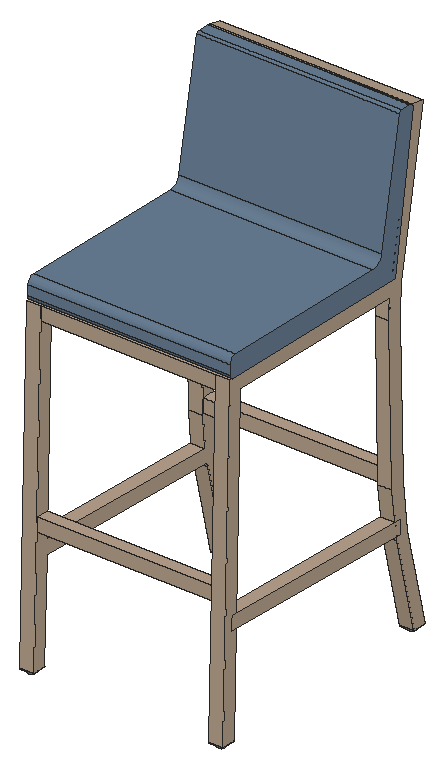
Revit family "FU_Stool_Sandler_Woodlook_3-4", category Furniture, Revit 2020
Family settings
  OmniClass Number = 23.40.20.00
  OmniClass Title = General Furniture and Specialties
  Work Plane-Based = No
  Always vertical = Yes
  Cut with Voids When Loaded = No
  Shared = No
  Room Calculation Point = No
Parameters (values of type "Woodlook 3.4")
  Woodlook = Woodlook - 21A Teak
  Width = 450 mm
  Upholstery = Woodlook Vinyl - Colonial Blue
  URL = "https://www.sandlerseating.com/product/woodlook-w3-4/"
  Model = "Woodlook 3.4"
  Manufacturer = "Sandler"
  Height = 1060 mm
  Description = "Woodlook bar stool with frame manufactured entirely from aluminum but with realistic appearance of wood. Highly durable and scratch resistant."
  Depth = 560 mm
  Default Elevation = 0 mm
Reference planes
  plane 1 "Center (Front/Back)": y = 0
  plane 2: z = 0
  plane 3 "Center (Left/Right)": x = 0
  plane 4 "Right": x = -225
  plane 5 "Left": x = 225
  plane 6 "Back": y = 280
  plane 7 "Front": y = -280
  plane 8 "Height": z = 1060
  plane 9 "Seat Frame Height": z = 732
  plane 10 "Back Stretcher Top": z = 353.051
  plane 11 "Front Stretcher Top": z = 317.069
  plane 12 "Glide Height": z = 9.736
  plane 13 "Front Seat Frame Edge": y = -260
  plane 14 "Side Stretcher Top": z = 261.498
Forms (mm)
  Blend 1, solid, material "Woodlook - 21A Teak" <- "Woodlook"
    base sketch origin (0, 0, 732) x (-1, 0, 0) y (0, -1, 0)
      loop
        line (225, 280) -> (195, 280) -> (195, 250) -> (225, 250) -> (225, 280)
    top sketch origin (0, 0, 732) x (-1, 0, 0) y (0, -1, 0)
      loop
        line (225, 260) -> (195, 260) -> (195, 230) -> (225, 230) -> (225, 260)
    from -722.264 to 0
  Blend 2, solid, material "Woodlook - 21A Teak" <- "Woodlook"
    base sketch origin (0, 0, 732) x (1, 0, 0) y (0, 1, 0)
      loop
        line (225, -280) -> (225, -250) -> (195, -250) -> (195, -280) -> (225, -280)
    top sketch origin (0, 0, 732) x (1, 0, 0) y (0, 1, 0)
      loop
        line (225, -260) -> (225, -230) -> (195, -230) -> (195, -260) -> (225, -260)
    from -722.264 to 0
  Extrusion 3, solid, material "Woodlook - 21A Teak" <- "Woodlook"
    sketch origin (0, 0, 732) x (-1, 0, 0) y (0, -1, 0)
      loop
        line (225, 260) -> (-224.942, 260) -> (-224.942, -215) -> (225, -215) -> (225, 260)
      loop
        line (195, 230) -> (-194.942, 230) -> (-194.942, -185) -> (195, -185) -> (195, 230)
    from 0 to -30
  Extrusion 4, solid, material "Woodlook - 21A Teak" <- "Woodlook"
    sketch origin (225, 0, 0) x (0, -1, 0) y (0, 0, 1)
      loop
        line (-245.74, 1060) -> (-274.965, 1054.722) -> (-219.249, 746.207)
        arc (-219.249, 746.207) -> (-212.866, 696.705) -> (-211.501, 646.811) r 495
        line (-211.501, 646.811) -> (-219.023, 320.976)
        arc (-219.023, 320.976) -> (-222.99, 268.186) -> (-232.408, 216.091) r 510
        line (-232.408, 216.091) -> (-280.895, 9.736) -> (-250.119, 9.736) -> (-203.264, 209.147)
        arc (-203.264, 209.147) -> (-193.569, 262.774) -> (-189.485, 317.118) r 525
        line (-189.485, 317.118) -> (-181.659, 656.095)
        arc (-181.659, 656.095) -> (-182.845, 699.437) -> (-188.39, 742.44) r 430
        line (-188.39, 742.44) -> (-245.74, 1060)
    from 0 to 30
  Extrusion 5, solid, material "Woodlook - 21A Teak" <- "Woodlook"
    sketch origin (-225, 0, 0) x (0, -1, 0) y (0, 0, -1)
      loop
        line (-245.74, -1060) -> (-188.39, -742.44)
        arc (-188.39, -742.44) -> (-182.845, -699.437) -> (-181.659, -656.095) r 430
        line (-181.659, -656.095) -> (-189.485, -317.118)
        arc (-189.485, -317.118) -> (-193.569, -262.774) -> (-203.264, -209.147) r 525
        line (-203.264, -209.147) -> (-250.119, -9.736) -> (-280.895, -9.736) -> (-232.408, -216.091)
        arc (-232.408, -216.091) -> (-222.99, -268.186) -> (-219.023, -320.976) r 510
        line (-219.023, -320.976) -> (-211.501, -646.811)
        arc (-211.501, -646.811) -> (-212.866, -696.705) -> (-219.249, -746.207) r 495
        line (-219.249, -746.207) -> (-274.965, -1054.722) -> (-245.74, -1060)
    from 0 to 30
  Extrusion 6, solid, material "Woodlook - 21A Teak" <- "Woodlook"
    sketch origin (225, 0, 0) x (0, -1, 0) y (0, 0, 1)
      loop
        line (-245.74, 1060) -> (-274.965, 1054.722) -> (-269.634, 1025.2) -> (-240.408, 1030.478) -> (-245.74, 1060)
    from 0 to 450
  Extrusion 7, solid, material "Woodlook - 21A Teak" <- "Woodlook"
    sketch origin (-225, 0, 0) x (0, -1, 0) y (0, 0, -1)
      loop
        line (253.872, -261.498) -> (253.872, -231.447) -> (-210.947, -218.463) -> (-210.947, -248.515) -> (253.872, -261.498)
    from 0 to 30
  Extrusion 8, solid, material "Woodlook - 21A Teak" <- "Woodlook"
    sketch origin (225, 0, 0) x (0, -1, 0) y (0, 0, 1)
      loop
        line (-217.783, 353.051) -> (-217.783, 323.051) -> (-189.783, 323.051) -> (-189.783, 353.051) -> (-217.783, 353.051)
    from 0 to 450
  Extrusion 9, solid, material "Woodlook - 21A Teak" <- "Woodlook"
    sketch origin (225, 0, 0) x (0, -1, 0) y (0, 0, 1)
      loop
        line (270.715, 317.069) -> (242.715, 317.069) -> (242.715, 287.069) -> (270.715, 287.069) -> (270.715, 317.069)
    from 0 to 450
  Extrusion 10, solid, material "Woodlook - 21A Teak" <- "Woodlook"
    sketch origin (0, 0, 732) x (-1, 0, 0) y (0, -1, 0)
      loop
        line (196, 12.284) -> (196, 32.617) -> (-196, 32.617) -> (-196, 12.284) -> (196, 12.284)
    from -30 to -10
  Extrusion 11, solid, material "Woodlook - 21A Teak" <- "Woodlook"
    sketch origin (225, 0, 0) x (0, -1, 0) y (0, 0, 1)
      loop
        line (253.872, 261.498) -> (-210.947, 248.515) -> (-210.947, 218.463) -> (253.872, 231.447) -> (253.872, 261.498)
    from 0 to 30
  Blend 12, solid, material "Rubber, Black"
    base sketch origin (0, 0, 9.736) x (-1, 0, 0) y (0, -1, 0)
      loop
        line (225, -280.895) -> (225, -250.119) -> (195, -250.119) -> (195, -280.895) -> (225, -280.895)
    top sketch origin (0, 0, 9.736) x (-1, 0, 0) y (0, -1, 0)
      loop
        arc (213.753, -268.998) -> (215.317, -265.512) -> (213.962, -261.939) r 5
        arc (213.962, -261.939) -> (210.385, -260.364) -> (206.768, -261.844) r 5
        arc (206.768, -261.844) -> (205.322, -265.186) -> (206.527, -268.622) r 5
        arc (206.527, -268.622) -> (210.059, -270.357) -> (213.753, -268.998) r 5
    from 0 to -9.736
  Blend 13, solid, material "Rubber, Black"
    base sketch origin (0, 0, 9.736) x (1, 0, 0) y (0, 1, 0)
      loop
        line (225, 280.895) -> (195, 280.895) -> (195, 250.119) -> (225, 250.119) -> (225, 280.895)
    top sketch origin (0, 0, 9.736) x (1, 0, 0) y (0, 1, 0)
      loop
        arc (213.753, 268.998) -> (210.059, 270.357) -> (206.527, 268.622) r 5
        arc (206.527, 268.622) -> (205.322, 265.186) -> (206.768, 261.844) r 5
        arc (206.768, 261.844) -> (210.385, 260.364) -> (213.962, 261.939) r 5
        arc (213.962, 261.939) -> (215.317, 265.512) -> (213.753, 268.998) r 5
    from 0 to -9.736
  Blend 14, solid, material "Rubber, Black"
    base sketch origin (0, 0.895, 9.736) x (1, 0, 0) y (0, 1, 0)
      loop
        line (225, -280.895) -> (225, -250.119) -> (195, -250.119) -> (195, -280.895) -> (225, -280.895)
    top sketch origin (0, 0.895, 9.736) x (1, 0, 0) y (0, 1, 0)
      loop
        arc (213.753, -268.998) -> (215.317, -265.512) -> (213.962, -261.939) r 5
        arc (213.962, -261.939) -> (210.385, -260.364) -> (206.768, -261.844) r 5
        arc (206.768, -261.844) -> (205.322, -265.186) -> (206.527, -268.622) r 5
        arc (206.527, -268.622) -> (210.059, -270.357) -> (213.753, -268.998) r 5
    from 0 to -9.736
  Blend 15, solid, material "Rubber, Black"
    base sketch origin (0, 0.895, 9.736) x (-1, 0, 0) y (0, -1, 0)
      loop
        line (225, 280.895) -> (195, 280.895) -> (195, 250.119) -> (225, 250.119) -> (225, 280.895)
    top sketch origin (0, 0.895, 9.736) x (-1, 0, 0) y (0, -1, 0)
      loop
        arc (213.753, 268.998) -> (210.059, 270.357) -> (206.527, 268.622) r 5
        arc (206.527, 268.622) -> (205.322, 265.186) -> (206.768, 261.844) r 5
        arc (206.768, 261.844) -> (210.385, 260.364) -> (213.962, 261.939) r 5
        arc (213.962, 261.939) -> (215.317, 265.512) -> (213.753, 268.998) r 5
    from 0 to -9.736
Cuts and joins
  joined: Blend 1, Blend 2, Extrusion 3, Extrusion 4, Extrusion 5, Extrusion 6, Extrusion 7, Extrusion 8, Extrusion 9, Extrusion 10
Dimensions and locks
  equal spacing: plane 4 "Right", plane 3 "Center (Left/Right)", plane 5 "Left"
  "Width": plane 4 "Right" to plane 5 "Left"
  equal spacing: plane 6 "Back", plane 1 "Center (Front/Back)", plane 7 "Front"
  "Depth": plane 6 "Back" to plane 7 "Front"
  "Height": plane 8 "Height" to level
  locked: plane 8 "Height" to plane 9 "Seat Frame Height" at 328
  aligned and locked: level to plane 2
  aligned and locked: Blend 1 to plane 12 "Glide Height"
  aligned and locked: plane 9 "Seat Frame Height" to Blend 1
  aligned and locked: Extrusion 3 to plane 9 "Seat Frame Height"  (x2)
  aligned and locked: Blend 2 to plane 12 "Glide Height"
  aligned and locked: plane 9 "Seat Frame Height" to Blend 2
  aligned and locked: Blend 1 to plane 9 "Seat Frame Height"
  aligned and locked: Extrusion 4 to plane 5 "Left"
  aligned and locked: plane 4 "Right" to Blend 1
  aligned and locked: plane 4 "Right" to Extrusion 5
  aligned and locked: plane 5 "Left" to Extrusion 4
  aligned and locked: Blend 2 to plane 5 "Left"
  aligned and locked: Extrusion 6 to plane 5 "Left"
  aligned and locked: plane 4 "Right" to Extrusion 6
  aligned and locked: plane 4 "Right" to Extrusion 7
  aligned and locked: plane 14 "Side Stretcher Top" to Extrusion 7
  aligned and locked: plane 10 "Back Stretcher Top" to Extrusion 8
  aligned and locked: plane 11 "Front Stretcher Top" to Extrusion 9
  aligned and locked: plane 4 "Right" to Extrusion 8
  aligned and locked: plane 4 "Right" to Extrusion 9
  aligned and locked: Extrusion 9 to plane 5 "Left"
  aligned and locked: Extrusion 8 to plane 5 "Left"
Automatic sketch dimensions
  Blend 1 sketch curve to plane 7 "Front" = 0 mm
  Blend 1 sketch curve to plane 4 "Right" = 0 mm  (x2)
  Blend 1 sketch curve to plane 13 "Front Seat Frame Edge" = 10 mm
  Blend 1 sketch curve to plane 4 "Right" = 30 mm  (x2)
  plane 13 "Front Seat Frame Edge" to Blend 1 sketch curve = 0 mm
  Blend 1 sketch curve to Blend 1 sketch curve = 30 mm
  Blend 2 sketch curve to plane 7 "Front" = 0 mm
  Blend 2 sketch curve to plane 5 "Left" = 0 mm  (x2)
  plane 13 "Front Seat Frame Edge" to Blend 2 sketch curve = 10 mm
  Blend 2 sketch curve to plane 5 "Left" = 30 mm  (x2)
  plane 13 "Front Seat Frame Edge" to Blend 2 sketch curve = 0 mm
  Blend 2 sketch curve to Blend 2 sketch curve = 30 mm
  plane 13 "Front Seat Frame Edge" to Extrusion 3 sketch curve = 0 mm
  Extrusion 3 sketch curve to plane 4 "Right" = 0 mm
  Extrusion 3 sketch curve to plane 4 "Right" = 30 mm
  plane 5 "Left" to Extrusion 3 sketch curve = 30.058 mm
  plane 5 "Left" to Extrusion 3 sketch curve = 0.058 mm
  Extrusion 3 sketch curve to plane 13 "Front Seat Frame Edge" = 30 mm
  Extrusion 3 sketch curve to plane 6 "Back" = 95 mm
  Extrusion 3 sketch curve to Extrusion 3 sketch curve = 30 mm
  Extrusion 4 sketch curve to plane 12 "Glide Height" = 0 mm
  Extrusion 4 sketch curve to plane 8 "Height" = 0 mm
  plane 11 "Front Stretcher Top" to Extrusion 4 sketch curve = 15.679 mm
  plane 6 "Back" to Extrusion 4 sketch curve = 448.887 mm
  Extrusion 4 sketch curve to Extrusion 4 sketch curve = 14.542 mm
  Extrusion 4 sketch curve to plane 9 "Seat Frame Height" = 73.765 mm
  Extrusion 4 sketch curve to Extrusion 4 sketch curve = 22.518 mm
  Extrusion 4 sketch curve to Extrusion 4 sketch curve = 94.824 mm
  plane 6 "Back" to Extrusion 4 sketch curve = 0.895 mm
  Extrusion 4 sketch curve to plane 6 "Back" = 5.035 mm
  Extrusion 4 sketch curve to plane 6 "Back" = 29.881 mm
  Extrusion 4 sketch curve to Extrusion 4 sketch curve = 29.225 mm
  Extrusion 4 sketch curve to plane 6 "Back" = 47.592 mm
  plane 9 "Seat Frame Height" to Extrusion 4 sketch curve = 14.207 mm
  Extrusion 4 sketch curve to plane 6 "Back" = 60.751 mm
  plane 11 "Front Stretcher Top" to Extrusion 4 sketch curve = 3.908 mm
  Extrusion 4 sketch curve to Extrusion 4 sketch curve = 13.385 mm
  Extrusion 4 sketch curve to plane 6 "Back" = 68.499 mm
  Extrusion 4 sketch curve to Extrusion 4 sketch curve = 29.144 mm
  plane 11 "Front Stretcher Top" to Extrusion 4 sketch curve = 0.049 mm
  Extrusion 4 sketch curve to Extrusion 4 sketch curve = 29.538 mm
  plane 9 "Seat Frame Height" to Extrusion 4 sketch curve = 10.44 mm
  Extrusion 4 sketch curve to plane 9 "Seat Frame Height" = 75.905 mm
  Extrusion 4 sketch curve to Extrusion 4 sketch curve = 29.841 mm
  Extrusion 4 sketch curve to Extrusion 4 sketch curve = 6.944 mm
  Extrusion 5 sketch curve to plane 12 "Glide Height" = 0 mm
  Extrusion 5 sketch curve to plane 8 "Height" = 0 mm
  plane 11 "Front Stretcher Top" to Extrusion 5 sketch curve = 15.679 mm
  plane 6 "Back" to Extrusion 5 sketch curve = 448.887 mm
  Extrusion 5 sketch curve to Extrusion 5 sketch curve = 14.542 mm
  Extrusion 5 sketch curve to plane 9 "Seat Frame Height" = 73.765 mm
  Extrusion 5 sketch curve to Extrusion 5 sketch curve = 22.518 mm
  Extrusion 5 sketch curve to Extrusion 5 sketch curve = 94.824 mm
  plane 6 "Back" to Extrusion 5 sketch curve = 0.895 mm
  Extrusion 5 sketch curve to plane 6 "Back" = 5.035 mm
  Extrusion 5 sketch curve to plane 6 "Back" = 29.881 mm
  Extrusion 5 sketch curve to Extrusion 5 sketch curve = 29.225 mm
  Extrusion 5 sketch curve to plane 6 "Back" = 47.592 mm
  plane 9 "Seat Frame Height" to Extrusion 5 sketch curve = 14.207 mm
  Extrusion 5 sketch curve to plane 6 "Back" = 60.751 mm
  plane 11 "Front Stretcher Top" to Extrusion 5 sketch curve = 3.908 mm
  Extrusion 5 sketch curve to Extrusion 5 sketch curve = 13.385 mm
  Extrusion 5 sketch curve to plane 6 "Back" = 68.499 mm
  Extrusion 5 sketch curve to Extrusion 5 sketch curve = 29.144 mm
  plane 11 "Front Stretcher Top" to Extrusion 5 sketch curve = 0.049 mm
  Extrusion 5 sketch curve to Extrusion 5 sketch curve = 29.538 mm
  plane 9 "Seat Frame Height" to Extrusion 5 sketch curve = 10.44 mm
  Extrusion 5 sketch curve to plane 9 "Seat Frame Height" = 75.905 mm
  Extrusion 5 sketch curve to Extrusion 5 sketch curve = 29.841 mm
  plane 11 "Front Stretcher Top" to Extrusion 5 sketch curve = 12.166 mm
  Extrusion 6 sketch curve to plane 8 "Height" = 0 mm
  Extrusion 6 sketch curve to plane 6 "Back" = 5.035 mm
  Extrusion 6 sketch curve to plane 6 "Back" = 10.366 mm
  Extrusion 6 sketch curve to Extrusion 6 sketch curve = 29.225 mm
  Extrusion 6 sketch curve to plane 8 "Height" = 5.278 mm
  Extrusion 7 sketch curve to plane 14 "Side Stretcher Top" = 0 mm
  Extrusion 7 sketch curve to plane 14 "Side Stretcher Top" = 12.984 mm
  Extrusion 7 sketch curve to plane 6 "Back" = 69.053 mm
  Extrusion 7 sketch curve to plane 13 "Front Seat Frame Edge" = 6.128 mm
  Extrusion 7 sketch curve to Extrusion 7 sketch curve = 30.051 mm  (x2)
  Extrusion 8 sketch curve to plane 10 "Back Stretcher Top" = 0 mm
  plane 11 "Front Stretcher Top" to Extrusion 8 sketch curve = 5.982 mm
  Extrusion 8 sketch curve to plane 6 "Back" = 62.217 mm
  Extrusion 8 sketch curve to Extrusion 8 sketch curve = 28 mm
  Extrusion 9 sketch curve to plane 11 "Front Stretcher Top" = 0 mm
  Extrusion 9 sketch curve to plane 13 "Front Seat Frame Edge" = 17.285 mm
  plane 7 "Front" to Extrusion 9 sketch curve = 9.285 mm
  plane 14 "Side Stretcher Top" to Extrusion 9 sketch curve = 25.57 mm
  plane 1 "Center (Front/Back)" to Extrusion 10 sketch curve = 12.284 mm
  plane 5 "Left" to Extrusion 10 sketch curve = 29 mm
  Extrusion 10 sketch curve to plane 4 "Right" = 29 mm
  Extrusion 10 sketch curve to Extrusion 10 sketch curve = 20.333 mm
  Extrusion 11 sketch curve to plane 14 "Side Stretcher Top" = 0 mm
  Extrusion 11 sketch curve to plane 14 "Side Stretcher Top" = 12.984 mm
  Extrusion 11 sketch curve to plane 6 "Back" = 69.053 mm
  Extrusion 11 sketch curve to plane 13 "Front Seat Frame Edge" = 6.128 mm
  Extrusion 11 sketch curve to plane 14 "Side Stretcher Top" = 30.051 mm
  Extrusion 11 sketch curve to Extrusion 11 sketch curve = 30.051 mm
  Blend 12 sketch curve to plane 4 "Right" = 0 mm
  Blend 12 sketch curve to plane 4 "Right" = 30 mm
  plane 6 "Back" to Blend 12 sketch curve = 0.895 mm
  Blend 12 sketch curve to plane 6 "Back" = 29.881 mm
  Blend 12 sketch curve to Blend 12 sketch curve = 0 mm  (x12)
  Blend 12 sketch curve to plane 4 "Right" = 14.681 mm
  Blend 12 sketch curve to plane 6 "Back" = 14.636 mm
  Blend 12 sketch curve to Blend 12 sketch curve = 3.551 mm
  Blend 12 sketch curve to Blend 12 sketch curve = 3.793 mm
  Blend 12 sketch curve to Blend 12 sketch curve = 3.434 mm
  Blend 12 sketch curve to Blend 12 sketch curve = 3.643 mm
  Blend 12 sketch curve to Blend 12 sketch curve = 3.258 mm
  Blend 13 sketch curve to plane 5 "Left" = 0 mm
  Blend 13 sketch curve to plane 5 "Left" = 30 mm
  Blend 13 sketch curve to plane 6 "Back" = 0.895 mm
  plane 6 "Back" to Blend 13 sketch curve = 29.881 mm
  Blend 13 sketch curve to Blend 13 sketch curve = 0 mm  (x12)
  Blend 13 sketch curve to plane 5 "Left" = 14.681 mm
  plane 6 "Back" to Blend 13 sketch curve = 14.636 mm
  Blend 13 sketch curve to Blend 13 sketch curve = 3.551 mm
  Blend 13 sketch curve to Blend 13 sketch curve = 3.793 mm
  Blend 13 sketch curve to Blend 13 sketch curve = 3.434 mm
  Blend 13 sketch curve to Blend 13 sketch curve = 3.643 mm
  Blend 13 sketch curve to Blend 13 sketch curve = 3.258 mm
  Blend 14 sketch curve to plane 7 "Front" = 0 mm
  Blend 14 sketch curve to plane 5 "Left" = 0 mm
  Blend 14 sketch curve to plane 13 "Front Seat Frame Edge" = 10.776 mm
  plane 5 "Left" to Blend 14 sketch curve = 30 mm
  Blend 14 sketch curve to Blend 14 sketch curve = 0 mm  (x12)
  plane 13 "Front Seat Frame Edge" to Blend 14 sketch curve = 4.469 mm
  plane 5 "Left" to Blend 14 sketch curve = 14.681 mm
  plane 13 "Front Seat Frame Edge" to Blend 14 sketch curve = 0.949 mm
  Blend 14 sketch curve to Blend 14 sketch curve = 3.551 mm
  Blend 14 sketch curve to Blend 14 sketch curve = 3.793 mm
  Blend 14 sketch curve to Blend 14 sketch curve = 3.434 mm
  plane 13 "Front Seat Frame Edge" to Blend 14 sketch curve = 1.044 mm
  Blend 15 sketch curve to plane 7 "Front" = 0 mm
  Blend 15 sketch curve to plane 4 "Right" = 0 mm
  plane 13 "Front Seat Frame Edge" to Blend 15 sketch curve = 10.776 mm
  plane 4 "Right" to Blend 15 sketch curve = 30 mm
  Blend 15 sketch curve to Blend 15 sketch curve = 0 mm  (x12)
  Blend 15 sketch curve to plane 13 "Front Seat Frame Edge" = 4.469 mm
  plane 4 "Right" to Blend 15 sketch curve = 14.681 mm
  Blend 15 sketch curve to plane 13 "Front Seat Frame Edge" = 0.949 mm
  Blend 15 sketch curve to Blend 15 sketch curve = 3.551 mm
  Blend 15 sketch curve to Blend 15 sketch curve = 3.793 mm
  Blend 15 sketch curve to Blend 15 sketch curve = 3.434 mm
  Blend 15 sketch curve to plane 13 "Front Seat Frame Edge" = 1.044 mm
Nested families
  nested 1: "BC-2A39_seat" at (0, 0, 732), Upholstery <- "Upholstery", type "BC-2A39_seat"
    with Upholstery Woodlook Vinyl - Colonial Blue
Definition of nested family "BC-2A39_seat"
  Parameters (values of type "BC-2A39_seat")
    Width = 450 mm
    Upholstery [instance] = none
    Height = 328 mm
    Depth = 555 mm
    Default Elevation = 0 mm
  Reference planes
    plane 1 "Center (Front/Back)": y = 0
    plane 2: z = 0
    plane 3 "Center (Left/Right)": x = 0
    plane 4 "Right": x = -225
    plane 5 "Left": x = 225
    plane 6 "Back": y = 277.5
    plane 7 "Front": y = -277.5
    plane 8: z = 328
    plane 9: through (4267.2, 247.454, 327.693) normal (0, 0.989, -0.1478)
    plane 10: y = -257.5
  Forms (mm)
    Extrusion 1, solid, material <- "Upholstery"
      sketch origin (0, 0, -420.284) x (0, 1, 0) y (0, 0, 1)
        loop
          line (198.48, 420.284) -> (246.471, 741.397)
          arc (246.471, 741.397) -> (245.082, 746.2) -> (240.537, 748.284) r 6
          line (240.537, 748.284) -> (217.466, 748.284)
          arc (217.466, 748.284) -> (213.642, 746.907) -> (211.572, 743.409) r 6
          line (211.572, 743.409) -> (162.354, 485.697)
          arc (162.354, 485.697) -> (153.731, 471.123) -> (137.798, 465.387) r 25
          line (137.798, 465.387) -> (-242.5, 465.387)
          arc (-242.5, 465.387) -> (-253.107, 460.994) -> (-257.5, 450.387) r 15
          line (-257.5, 450.387) -> (-257.5, 428.284)
          arc (-257.5, 428.284) -> (-255.157, 422.627) -> (-249.5, 420.284) r 8
          line (-249.5, 420.284) -> (198.48, 420.284)
      from -225 to 225
  Dimensions and locks
    equal spacing: plane 4 "Right", plane 3 "Center (Left/Right)", plane 5 "Left"
    "Width": plane 4 "Right" to plane 5 "Left"
    equal spacing: plane 6 "Back", plane 1 "Center (Front/Back)", plane 7 "Front"
    "Depth": plane 6 "Back" to plane 7 "Front"
    "Height": plane 8 to level
    aligned and locked: level to plane 2
    aligned and locked: plane 4 "Right" to Extrusion 1
    aligned and locked: Extrusion 1 to plane 5 "Left"
  Automatic sketch dimensions
    Extrusion 1 sketch curve to plane 10 = 0 mm
    Extrusion 1 sketch curve to level = 0 mm
    plane 9 to Extrusion 1 sketch curve = 0 mm  (x2)
    Extrusion 1 sketch curve to plane 8 = 0 mm
    Extrusion 1 sketch curve to plane 10 = 8 mm
    Extrusion 1 sketch curve to Extrusion 1 sketch curve = 15 mm
    Extrusion 1 sketch curve to Extrusion 1 sketch curve = 60.682 mm
    level to Extrusion 1 sketch curve = 65.414 mm
    Extrusion 1 sketch curve to Extrusion 1 sketch curve = 24.556 mm
    Extrusion 1 sketch curve to plane 8 = 4.874 mm
    Extrusion 1 sketch curve to plane 6 "Back" = 65.928 mm
    Extrusion 1 sketch curve to plane 8 = 6 mm  (x2)
    Extrusion 1 sketch curve to plane 8 = 6.887 mm
    Extrusion 1 sketch curve to Extrusion 1 sketch curve = 22.104 mm
